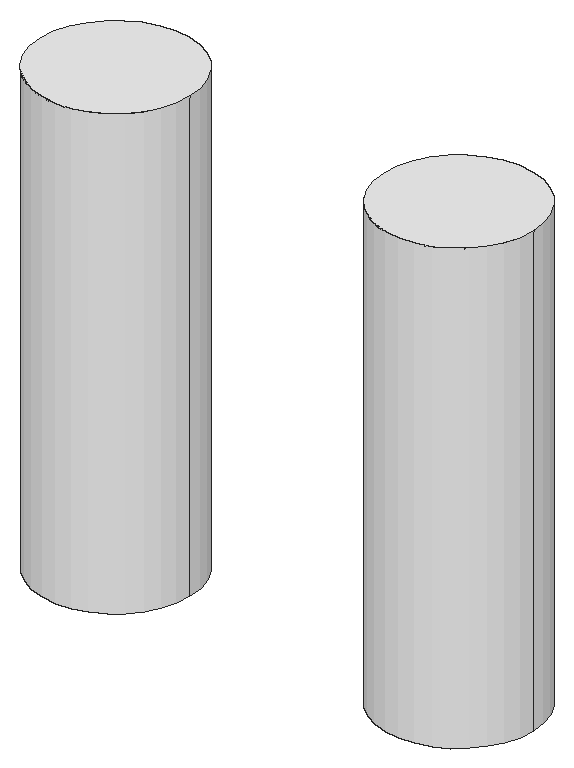
Revit family "52461163(2022)", category Plumbing Fixtures, Revit 2018
Family settings
  Round Connector Dimension = Use Diameter
  Part Type = Normal
  OmniClass Number = 23.45.55.00
  OmniClass Title = Sanitary Faucets, Wastes
  Work Plane-Based = No
  Always vertical = Yes
  Cut with Voids When Loaded = No
  Shared = No
  Room Calculation Point = No
Parameters (values of type "52461163 Washbasin faucet, low pressure ")
  WorkingPressure = "50 - 500 kPa"
  Working Pressure = "50 - 500 kPa"
  WarrantyStartDate [instance] = "n/a"
  WarrantyGuarantorParts = "n/a"
  WarrantyGuarantorLabor = "n/a"
  WarrantyDurationUnit = "Year"
  WarrantyDurationParts = "n/a"
  WarrantyDurationLabor = "n/a"
  WarrantyDescription = "http://warranty.hansa.com"
  Warranty Information URL = "http://warranty.hansa.com"
  VersionDate = "01/07/2022"
  Version = "2"  # constant formula
  ValvePattern = "n/a"
  ValveOperation = "n/a"
  ValveMechanism = "n/a"
  Uniclass2015Reference = "Pr_40_20_87_96"
  Uniclass2015Description = "Washbasin manual water supply sets"
  Uniclass2 = "Pr_40_30_96_96"
  URL REACH = "http://static.hansa.com/doc/reach"
  URL Declaration of Conformity = "http://static.hansa.com/DoC/52461163"
  URL = ""
  UNSPSC Class Number = "30181700 Faucets or taps"
  Type Comments = ""
  TestPressure = "n/a"
  Temperature Adjustments = "Limitation option for maximum temperature and flow-rate "
  Technical DataSheet URL = "http://www.hansa.com/datasheet/52461163/en"
  TagNumber [instance] = "n/a"
  SustainabilityPerformance = "n/a"
  Surface treatment = "Chrome"
  Spout Type = "Fixed spout"
  Spout Projection = "114 mm"
  Spare-Part Information URL = "http://static.hansa.com/sp/52461163"
  Size = "45x165x185 mm"
  Shape = "Sculptured"
  SerialNumber [instance] = "n/a"
  Sales Package dimensions (LxWxH) = "380 x 180 x 74"
  Revision = "2"  # constant formula
  ReplacementCost = "n/a"
  ProductInformation = "n/a"
  Product URL = "http://static.hansa.com/52461163"
  Product Image URL = "http://static.hansa.com/image/52461163"
  Product Family = "HANSAVANTIS XL"
  Product Code = "52461163"
  OperatingMechanismMaterial = "n/a"
  NominalWidth = 46.5 mm
  NominalHeight = 186 mm
  NominalDepth = 165.68 mm
  Name_en = "52461163 Washbasin faucet, low pressure"
  Name = "52461163 Washbasin faucet, low pressure"
  NBSReference = "45-35-70/371"
  NBSDescription = "Water supply fittings for wash basins and troughs"
  Mounting Holes = "1 hole"
  ModelReference = "52461163"
  ModelNumber = "n/a"
  Model = "52461163 Washbasin faucet, low pressure"
  Mobile Product Information URL = "http://mpi.hansa.com/52461163"
  Mechanical Parts = "30Cartridge"
  Max. Hot Water Supply = 70 °C
  Material = "brassPlastic"
  Market = "International;Germany;Austria;Belgium;Netherlands;Czech Republic;Slovakia"
  ManufacturerURL = "http://www.hansa.com"
  ManufacturerName = "HANSA"
  Manufacturer = "HANSA"
  Lever Handle = "Single operating lever/handle;Hot/Cold symbols"
  Keynote = ""
  Interactive AR View URL = "https://static.hansa.com/AR/52461163"
  InstallationDate [instance] = "n/a"
  Installation and Maintenance Guide URL = "http://static.hansa.com/manual/52461163"
  Installation Type = "Deck mounted"
  InletConnectionSize = 10 mm
  IfcExportType = "FAUCET"  # constant formula
  IfcExportAs = "IfcValveType"  # constant formula
  Group = "Washbasin faucet"
  Grade = "n/a"
  FlowCoefficient = 0
  Flow Drawing URL = "http://static.hansa.com/flowchart/52461163"
  Finish = "Polished"
  Features = "Single-lever;Low pressure"
  FaucetMainMaterial = Brass
  FDV Document URL = "http://www.hansa.com/datasheet/52461163/en/fdv"
  Extensions = "Pop-up waste with draw-rod"
  ExpectedLife = "n/a"
  ETIM Class Number = "EC011328 Washbasin mixing tap"
  EN Standard = "EN 817"
  EAN Number = "4057304017285"
  DurationUnit = "Year"
  Dimension Drawing URL = "http://static.hansa.com/dimdrw/52461163"
  Description = ""
  DefaultElevation [instance] = 900 mm
  Constituents = "n/a"
  Connection Size = "G3/8"
  Connection = "Flexible inlet pipes"
  Color = "Chrome"
  CodePerformance = "n/a"
  CloseOffRating = 0
  Catalog Drawing URL = "http://static.hansa.com/catdrw/52461163"
  Brand = "HANSA"
  BodyMaterial = "Brass"
  Barcode [instance] = "n/a"
  Backflow Prevention EN1717 = "AA"
  BIMObjectName = "52461163(2022)"
  Author = "BIMStone"
  AssetType = "Fixed"
  AssetIdentifier [instance] = "n/a"
  Aerator = "Standard aerator;Laminar stream"
  Advanced Features = "Inner body made of DZR brass"
  AccessibilityPerformance = "n/a"
  3D View = "https://static.hansa.com/3D/52461163"
  2D/3D/BIM Files URL = "http://static.hansa.com/bim/52461163"
Reference planes
  plane 1 "Center (Front/Back)": y = 0
  plane 2: z = 0
  plane 3 "Center (Left/Right)": x = 0
  plane 4: x = -23.25
  plane 5: z = 900
  plane 6: z = 870
  plane 7: y = -165.68
  plane 8: x = 23.25
  plane 9: z = 1086
Forms (mm)
  Extrusion 1, solid, material "Brass" <- "FaucetMainMaterial"
    sketch origin (0, -12.745, 0) x (1, 0, 0) y (0, 1, 0)
      loop
        circle (-11.5, -22.5) r 5
      loop
        circle (11.5, -22.5) r 5
    from 870 to 900
Dimensions and locks
  "DefaultElevation": plane 5 to level
  locked: plane 5 to plane 6 at 30
  "NominalDepth": plane 7 to plane 1 "Center (Front/Back)"
  equal spacing: plane 4, plane 3 "Center (Left/Right)", plane 8
  "NominalHeight": plane 9 to plane 5
  "NominalWidth": plane 4 to plane 8
  "InletConnectionSize": diameter of Extrusion 1 sketch curve  (x2)
  aligned and locked: level to plane 2
  aligned and locked: plane 5 to Extrusion 1
  aligned and locked: Extrusion 1 to plane 6
  aligned and locked: nested 2 to plane 5
  aligned and locked: plane 1 "Center (Front/Back)" to nested 2
  aligned and locked: plane 3 "Center (Left/Right)" to nested 2
  aligned and locked: plane 3 "Center (Left/Right)" to nested 1
  aligned and locked: plane 1 "Center (Front/Back)" to nested 1
Automatic sketch dimensions
  Extrusion 1 sketch curve to plane 3 "Center (Left/Right)" = 11.5 mm
  plane 3 "Center (Left/Right)" to Extrusion 1 sketch curve = 11.5 mm
  plane 1 "Center (Front/Back)" to Extrusion 1 sketch curve = 35.245 mm  (x2)
Nested families
  nested 1: "Symbol" at (0, 0, 0), type "Symbol", detail levels coarse
  nested 2: "52461163_Body" at (0, 0, 900), Material <- "FaucetMainMaterial", type "52461163_Body"
    with Material Brass
Connectors
  piping at (-11.5, -35.245, 870), diameter 10, driven by "InletConnectionSize"
    settings: on Extrusion 1, index 1, connector inside diameter 609.6 mm, connector length 0 mm, flow factor 0, pipe flow 0.2 L/s, pressure drop 0.0 Pa, fitting loss kfactor 0, connector angle 0.00°, fixture units 0, engagement length 0 mm, angle of deflection 0.00°, flow configuration 1, flow direction 1, fitting loss method 0, system type 19, joint type 0, gender type 0, connector reference index -1, connector utility 0, adjustable connector no, is connector primary yes, connector description ""
  piping at (11.5, -35.245, 870), diameter 10, driven by "InletConnectionSize"
    settings: on Extrusion 1, index 2, connector inside diameter 609.6 mm, connector length 0 mm, flow factor 0, pipe flow 0.2 L/s, pressure drop 0.0 Pa, fitting loss kfactor 0, connector angle 0.00°, fixture units 0, engagement length 0 mm, angle of deflection 0.00°, flow configuration 1, flow direction 1, fitting loss method 0, system type 20, joint type 0, gender type 0, connector reference index -1, connector utility 0, adjustable connector no, is connector primary no, connector description ""
Definition of nested family "Symbol"
  Reference planes
    plane 1: y = 0
    plane 2: x = 0
  Lines and regions (mm)
    detail lines
      curve 1: line (0, 0, 0) -> (0, -1.8, 0)
      curve 2: line (-0.4, -1.1, 0) -> (0.4, -1.1, 0)
      curve 3: line (-0.4, -1.4, 0) -> (0.4, -1.4, 0)
      curve 4: line (0.863, 0, 0) -> (-0.863, 0, 0)
      curve 5: circle (-1.163, 0, 0) r 0.3 normal (0, 0, -1)
      curve 6: circle (1.163, 0, 0) r 0.3 normal (0, 0, 1)
